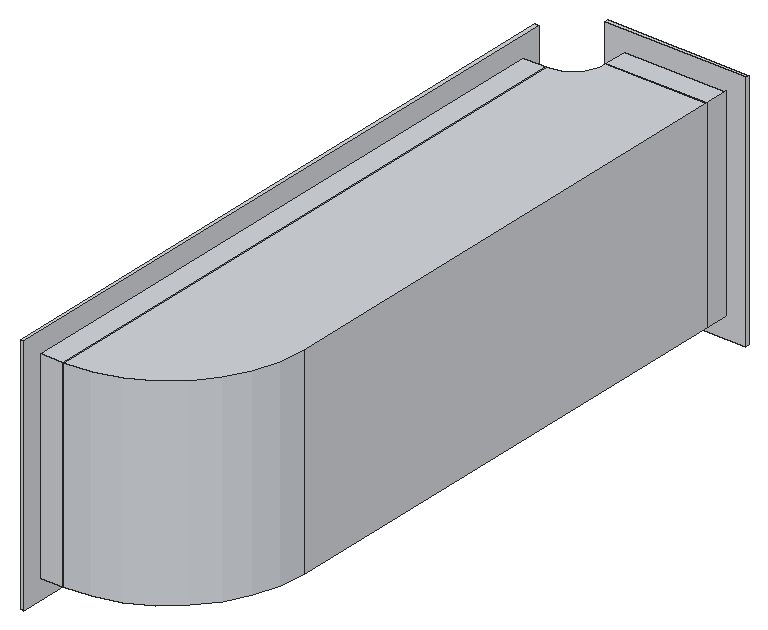
Revit family "RE Bogen asymmetrisch BA - Flansch", category Luftkanalformteile, Revit 2015
Parameters (values of type "Allgemein")
  r4 [instance] = r3 + Länge 17  # 300 mm
  r3 [instance] = if(b > d, if(Abschätzung 1 < 0 mm, r2 + 15 mm, r2), if(not(Abschätzung 2 < 0 mm), r2, r1 + d))  # 200 mm
  RLT_DIN_r [instance] = r  # 50 mm
  RLT_DIN_f [instance] = f  # 0 mm
  RLT_DIN_e [instance] = e  # 0 mm
  RLT_DIN_d [instance] = d  # 150 mm
  RLT_DIN_c [instance] = c  # 300 mm
  RLT_DIN_b [instance] = a  # 300 mm
  RLT_DIN_alpha [instance] = alpha  # 90.00°
  RLT_DIN_a [instance] = a  # 300 mm
  RLT_DIN_KZ = "BA"
  Profilversatz [instance] = (Höhe / 2) - Flanschverlängerung  # 120 mm
  Alpha 4 [instance] = if(Abschätzung 1 > 0 mm, alpha, acos(Länge 18 / Länge 16))  # 90.00°
  Alpha 3 [instance] = if(not(Abschätzung 2 < 0 mm), alpha, asin((r1 + b) / (r1 + d)))  # 90.00°
  r2 [instance] = if((Abschätzung 2 < 0 mm), 5 mm, Länge 22 / tan(alpha 2 / 2))  # 200 mm
  r1 [instance] = if(r = 0 mm, if(0.9 * Max. abcd - 107.1 mm < 0.8 mm, 0.8 mm, 0.9 * Max. abcd - 107.1 mm), r)  # 50 mm
  r [instance] = 50 mm
  f2 [instance] = 35 mm  # constant formula
  f1 [instance] = if(f = 0 mm, f2, f)  # 35 mm
  f [instance] = 0 mm
  e2 [instance] = 35 mm  # constant formula
  e1 [instance] = if(e = 0 mm, e2, e)  # 35 mm
  e [instance] = 0 mm
  Max. bd [instance] = if(b > d, b, d)  # 900 mm
  Länge 19 [instance] = if(Abschätzung 1 > 0 mm, Länge 18, 20 mm)  # 200 mm
  Länge 18 [instance] = (r1 + d) * sin(alpha)  # 200 mm
  d [instance] = 150 mm
  c [instance] = a  # 300 mm
  b [instance] = 900 mm
  Länge21 [instance] = if(alpha = 90.00°, 0 mm, if(and(Abschätzung 1 > 0 mm, Abschätzung 2 > 0 mm), ((r1 + b) - (r1 + d) * cos(alpha 2)) / tan(alpha 2), 10 mm))  # 0 mm
  Länge 20 [instance] = if(alpha = 90.00°, 0 mm, ((r1 + b) - (r1 + d) * cos(alpha)) / tan(alpha))  # 0 mm
  alpha 2 [instance] = if(b > d, Alpha 4, Alpha 3)  # 90.00°
  alpha 1 [instance] = 180.00° - alpha 2  # 90.00°
  alpha [instance] = 90.00°
  a [instance] = 300 mm
  Breite 2 [instance] = 100 mm  # constant formula
  Breite 1 [instance] = b halb + Breite 2 + Max. bd  # 1450 mm
  Sichtbarkeit 2 [instance] = if(Länge 7 > Länge 2, 1 > 0, Länge 1 + f1 < 10000 mm)  # no
  Sichtbarkeit 1 [instance] = if(Länge 7 > Länge 2, 0 > 1, or(Länge 1 + f1 > 10000 mm + 0.8 mm, Länge 1 + f1 = 10000 mm + 0.8 mm))  # yes
  Länge 23 [instance] = if(b > d, if(Abschätzung 1 > 0 mm, Länge 22 / tan(alpha 2 / 2), Länge 22 / tan(alpha 2 / 2) + 15 mm), if(Abschätzung 2 < 0 mm, 5 mm, Länge 22 / tan(alpha 2 / 2)))  # 200 mm
  Länge 22 [instance] = if(alpha = 90.00°, r1 + Länge 24, if(b > d, abs(Länge 19 - Länge21), if(not(Abschätzung 2 > 0 mm), (r1 + b) * sin(alpha), Länge21 / cos(alpha 2))))  # 200 mm
  Länge 24 [instance] = if(b > d, d, b)  # 150 mm
  Max. cd [instance] = if(d > c, d, c)  # 300 mm
  Max. abcd [instance] = if(Max. ab > Max. cd, Max. ab, Max. cd)  # 900 mm
  Max. ab [instance] = if(b > a, b, a)  # 900 mm
  Länge 9 [instance] = if(Länge 1 - 10000 mm + f1 < 0.8 mm, 2 mm, Länge 1 - 10000 mm + f1)  # 160 mm
  Länge 8 [instance] = sqrt((10000 mm - Länge 6) ^ 2 + (Länge 2 - Länge 7) ^ 2)  # 500 mm
  Länge 7 [instance] = Länge 3 * cos(alpha)  # 0 mm
  Länge 6 [instance] = -Länge 3 * sin(alpha) + Länge 1  # 10000 mm
  Länge 5 [instance] = (b - d) / 2  # 375 mm
  Länge 4 [instance] = Länge 2 * tan(alpha / 2)  # 500 mm
  Länge 3 [instance] = r1 + d / 2  # 125 mm
  Länge 15 [instance] = if((r1 + b) * cos(alpha) - (r1 + d) > 0 mm, e1, (r1 + b) * sin(alpha) + e1)  # 985 mm
  Länge 14 [instance] = if(alpha = 90.00°, r1 + d + f1, if((r1 + b) / cos(alpha) - (r1 + d) < 0 mm, f1, (r1 + b) * tan(alpha) + f1))  # 235 mm
  Länge 17 [instance] = 100 mm  # constant formula
  Länge 16 [instance] = sqrt((r1 + b) * (r1 + b) + (r1 + d) * (r1 + d) - 2 * (r1 + b) * (r1 + d) * cos(alpha))  # 970.824 mm
  Länge 13 [instance] = Flanschstärke * sin(alpha)  # 5 mm
  Länge 12 [instance] = Flanschstärke * cos(alpha)  # 0 mm
  Länge 11 [instance] = e1 * sin(alpha)  # 35 mm
  Länge 10 [instance] = e1 * cos(alpha)  # 0 mm
  Länge 1 [instance] = -Länge 2 * cos(alpha) / sin(alpha) + Länge 3 / sin(alpha) + 10000 mm  # 10125 mm
  Länge 2 [instance] = r1 + b / 2  # 500 mm
  Abschätzung 2 [instance] = Länge 20  # 0 mm
  Abschätzung 1 [instance] = (Länge 18 - Länge 20)  # 200 mm
  Höhe [instance] = if(a > c, a, c)  # 300 mm
  b halb [instance] = b * 0.5  # 450 mm
  Flansch d [instance] = d + 2 * Flanschverlängerung  # 210 mm
  Flansch c [instance] = c + 2 * Flanschverlängerung  # 360 mm
  Flansch b [instance] = b + 2 * Flanschverlängerung  # 960 mm
  Flansch a [instance] = a + 2 * Flanschverlängerung  # 360 mm
  Flanschstärke [instance] = 5 mm
  Flanschverlängerung [instance] = 30 mm
  Assembly Code = ""
Reference planes
  plane 1 "Mitte (Vorne/Hinten)": y = 0
  plane 2: z = 0
  plane 3 "Mitte (Links/Rechts)": x = 0
  plane 4: x = -160
  plane 5: x = -125
  plane 6: y = 500
  plane 7: x = 117.528
  plane 8: x = 0
  plane 9: y = 500
  plane 10: x = 10000
  plane 11: x = 0
  plane 12: x = 0
  plane 13: y = 535
  plane 14: x = -165
  plane 15: y = 540
  plane 16: x = 0
  plane 17: y = 480
  plane 18: y = -480
  plane 19: x = 75
  plane 20: x = 75
  plane 21: x = -125
  plane 22: y = 450
  plane 23: y = -450
  plane 24: y = -250
  plane 25: z = 150
  plane 26: z = -150
Forms (mm)
  Sweep 1, solid, detail levels medium+fine
    path in 3D
      loop
        line (-125, 0, 0) -> (-160, 0, 0)
    profile "Luftkanal - rechteckig : Luftkanal - rechteckig 1" origin (-142.5, 0, 0) x (0, -1, 0) y (0, 0, 1)
      loop
        line (-450, 150) -> (-450, -150) -> (450, -150) -> (450, 150) -> (-450, 150)
  Sweep 2, solid, detail levels medium+fine
    path in 3D
      loop
        line (0, 500, 0) -> (0, 535, 0)
    profile "Luftkanal - rechteckig : Luftkanal - rechteckig 2" origin (0, 517.5, 0) x (-1, 0, 0) y (0, 0, 1)
      loop
        line (-75, 150) -> (-75, -150) -> (75, -150) -> (75, 150) -> (-75, 150)
  Sweep 3, solid, detail levels fine
    path in 3D
      loop
        line (-165, 0, 0) -> (-160, 0, 0)
    profile "Luftkanal - rechteckig : Luftkanal - Flansch 1" origin (-162.5, 0, 0) x (0, 1, 0) y (0, 0, 1)
      loop
        line (-480, 180) -> (-480, -180) -> (480, -180) -> (480, 180) -> (-480, 180)
  Sweep 4, solid, detail levels medium+fine
    path in 3D
      loop
        line (-165, 0, 0) -> (-160, 0, 0)
    profile "Luftkanal - rechteckig : Luftkanal - rechteckig 1" origin (-162.5, 0, 0) x (0, 1, 0) y (0, 0, 1)
      loop
        line (-450, 150) -> (-450, -150) -> (450, -150) -> (450, 150) -> (-450, 150)
  Sweep 5, solid, detail levels fine
    path in 3D
      loop
        line (0, 535, 0) -> (0, 540, 0)
    profile "Luftkanal - rechteckig : Luftkanal - Flansch 2" origin (0, 537.5, 0) x (-1, 0, 0) y (0, 0, 1)
      loop
        line (-105, 180) -> (-105, -180) -> (105, -180) -> (105, 180) -> (-105, 180)
  Sweep 6, solid, detail levels medium+fine
    path in 3D
      loop
        line (0, 535, 0) -> (0, 540, 0)
    profile "Luftkanal - rechteckig : Luftkanal - rechteckig 2" origin (0, 537.5, 0) x (-1, 0, 0) y (0, 0, 1)
      loop
        line (-75, 150) -> (-75, -150) -> (75, -150) -> (75, 150) -> (-75, 150)
  Sweep 7, void
    path in 3D
      loop
        line (105, 535, 0) -> (105, -450, 0)
    profile "Luftkanal - rechteckig : Luftkanal - Abzugskörper" origin (105, 42.5, 0) x (1, 0, 0) y (0, 0, 1)
      loop
        line (-30, 150) -> (-30, -150) -> (270, -150) -> (270, 150) -> (-30, 150)
  Extrusion 8, void
    sketch origin (0, 0, 0) x (1, 0, 0) y (0, 1, 0)
      loop
        line (-160, -450) -> (-160, -1450) -> (75, -1450) -> (75, -450) -> (-160, -450)
    from -150 to 150
  Extrusion 9, solid, detail levels medium+fine
    sketch origin (0, 0, 0) x (1, 0, 0) y (0, 1, 0)
      loop
        arc (-125, -450) -> (16.421, -391.421) -> (75, -250) r 200
        line (75, -250) -> (-125, -250) -> (-125, -450)
    from -150 to 150
  Extrusion 10, void
    sketch origin (0, 0, 0) x (1, 0, 0) y (0, 1, 0)
      loop
        line (-125, 500) -> (-125, 450)
        arc (-125, 450) -> (-89.645, 464.645) -> (-75, 500) r 50
        line (-75, 500) -> (-125, 500)
    from -150 to 150
  Extrusion 11, void
    sketch origin (0, 0, 0) x (1, 0, 0) y (0, 1, 0)
      loop
        line (-125, -450) -> (-125, -550)
        arc (-125, -550) -> (87.132, -462.132) -> (175, -250) r 300
        line (175, -250) -> (75, -250)
        arc (75, -250) -> (16.421, -391.421) -> (-125, -450) r 200
    from -150 to 150
  SweptBlend 12, solid, detail levels medium+fine
    path in 3D
      loop
        arc (-125, 0, 0) -> (228.553, 146.447, 0) -> (375, 500, 0) r 500
    profile "Luftkanal - rechteckig : Luftkanal - rechteckig 1" origin (-125, 0, 0) x (0, 1, 0) y (0, 0, 1)
      loop
        line (-450, 150) -> (-450, -150) -> (450, -150) -> (450, 150) -> (-450, 150)
    end profile "Luftkanal - rechteckig : Luftkanal - rechteckig 2" origin (375, 500, 0) x (-1, 0, 0) y (0, 0, 1)
      loop
        line (300, 150) -> (300, -150) -> (450, -150) -> (450, 150) -> (300, 150)
Cuts and joins
  joined: Sweep 1, Sweep 4
  joined: Sweep 2, Sweep 6
  Sweep 7, Extrusion 10 cuts Extrusion 9
  Sweep 7, Extrusion 8, Extrusion 11 cuts SweptBlend 12
  joined: Extrusion 9, SweptBlend 12
Lines and regions (mm)
  reference lines
    curve 1: arc (-125, 0, 0) -> (228.553, 146.447, 0) -> (375, 500, 0) r 500
    curve 2: line (-125, 0, 0) -> (-160, 0, 0)
    curve 4: line (0, 500, 0) -> (0, 535, 0)
    curve 6: line (0, 500, 0) -> (0, 380, 0)
    curve 7: line (0, 500, 0) -> (-130, 500, 0)
    curve 8: line (0, 535, 0) -> (-95, 535, 0)
    curve 9: line (-260.979, 0, 0) -> (274.021, 0, 0)
    curve 12: line (-165, 0, 0) -> (-160, 0, 0)
    curve 15: line (0, 535, 0) -> (0, 540, 0)
    curve 18: line (0, 540, 0) -> (-75, 540, 0)
    curve 19: line (-105, 602.802, 0) -> (-105, 462.802, 0)
    curve 20: line (105, 535, 0) -> (105, -450, 0)
  sketch lines
    curve 3: line (-125, 0, 0) -> (-160, 0, 0)
    curve 5: line (0, 500, 0) -> (0, 535, 0)
    curve 13: line (-165, 0, 0) -> (-160, 0, 0)
    curve 14: line (-165, 0, 0) -> (-160, 0, 0)
    curve 16: line (0, 535, 0) -> (0, 540, 0)
    curve 17: line (0, 535, 0) -> (0, 540, 0)
    curve 26: line (105, 535, 0) -> (105, -450, 0)
    curve 27: arc (-125, 0, 0) -> (228.553, 146.447, 0) -> (375, 500, 0) r 500
  model lines, visible <- "Sichtbarkeit 1", detail levels coarse
    curve 10: line (-160, 0, 0) -> (0, 0, 0)
    curve 11: line (0, 535, 0) -> (0, 0, 0)
    curve 21: line (0, 535, 0) -> (0, 540, 0)
    curve 23: line (-165, 0, 0) -> (-160, 0, 0)
  model lines, detail levels coarse
    curve 22: line (105, 540, 0) -> (-105, 540, 0)
    curve 25: line (-165, 480, 0) -> (-165, -480, 0)
  model lines, visible <- "Sichtbarkeit 2", detail levels coarse
    curve 24: line (0, 540, 0) -> (-165, 0, 0)
Dimensions and locks
  "Länge 2": plane 6 to plane 1 "Mitte (Vorne/Hinten)"
  "f1": plane 4 to plane 5
  "Länge 7": plane 6 to plane 9
  locked: plane 3 "Mitte (Links/Rechts)" to plane 10 at 10000
  "Länge 1": plane 5 to plane 10
  "Länge 6": plane 8 to plane 10
  "e1": curve 4 to curve 4
  "Länge 8": curve 9 to curve 7
  "Länge 9": plane 4 to plane 11
  "Länge 10": plane 8 to plane 12
  "Länge 11": plane 13 to plane 9
  "Flanschstärke": plane 14 to plane 4
  "Flanschstärke": curve 15 to curve 15
  equal spacing: curve 19, curve 15, curve 20
  "Flansch d": curve 19 to curve 20
  "Länge 13": plane 15 to plane 13
  "Länge 12": plane 12 to plane 16
  equal spacing: plane 17, plane 1 "Mitte (Vorne/Hinten)", plane 18
  "Flansch b": plane 18 to plane 17
  "Länge 15": curve 20 to curve 20
  "b halb": Extrusion 8 sketch curve to plane 1 "Mitte (Vorne/Hinten)"
  "Breite 1": plane 1 "Mitte (Vorne/Hinten)" to Extrusion 8 sketch curve
  "Länge 14": plane 4 to Extrusion 8 sketch curve
  equal spacing: Extrusion 8, plane 2, Extrusion 8
  "Höhe": Extrusion 8 to Extrusion 8
  "Länge 19": plane 5 to plane 19
  "Länge21": plane 20 to plane 19
  "Länge 22": plane 21 to plane 20
  equal spacing: plane 22, plane 1 "Mitte (Vorne/Hinten)", plane 23
  "b": plane 22 to plane 23
  "Länge 23": plane 24 to plane 23
  equal spacing: plane 25, plane 2, plane 26
  "c": plane 25 to plane 26
  "r2": Extrusion 9 sketch curve to Extrusion 9 sketch curve  (x2)
  "r1": Extrusion 10 sketch curve to Extrusion 10 sketch curve  (x2)
  "Länge 17": Extrusion 11 sketch curve to Extrusion 11 sketch curve
  "r2": radius of Extrusion 9 sketch curve
  "r1": radius of Extrusion 10 sketch curve
  "r3": radius of Extrusion 11 sketch curve
  "r4": radius of Extrusion 11 sketch curve
  "alpha": angle curve 1 to curve 1
  "alpha": angle plane 9 to curve 4
  locked: curve 4 to curve 6 (angle 180.00°)
  locked: curve 4 to curve 7 (angle 90.00°)
  locked: curve 8 to curve 4 (angle 90.00°)
  locked: curve 6 to curve 9 (angle 90.00°)
  "alpha": angle plane 13 to curve 15
  locked: curve 18 to curve 15 (angle 90.00°)
  locked: curve 18 to curve 19 (angle 90.00°)
  locked: curve 20 to curve 18 (angle 90.00°)
  "alpha 2": angle plane 21 to Extrusion 9 sketch curve
  "alpha 2": angle Extrusion 9 sketch curve to Extrusion 9 sketch curve
  angle curve 7 to plane 21 = 90.00°
  "alpha": angle plane 21 to Extrusion 10 sketch curve
  "alpha": angle Extrusion 10 sketch curve to Extrusion 10 sketch curve
  "alpha 2": angle Extrusion 11 sketch curve to Extrusion 11 sketch curve  (x2)
  aligned and locked: level to plane 2
  aligned and locked: plane 6 to curve 1
  aligned and locked: plane 5 to curve 1
  aligned and locked: plane 5 to curve 2
  aligned and locked: plane 4 to curve 2
  aligned and locked: curve 2 to plane 1 "Mitte (Vorne/Hinten)"
  aligned and locked: plane 9 to curve 4
  aligned and locked: plane 8 to curve 4
  aligned and locked: plane 9 to curve 7
  aligned and locked: plane 8 to curve 7
  aligned and locked: curve 10 to curve 2
  aligned and locked: plane 11 to curve 10
  aligned and locked: curve 9 to curve 11
  aligned and locked: plane 14 to curve 12
  aligned and locked: plane 4 to curve 12
  aligned and locked: plane 1 "Mitte (Vorne/Hinten)" to curve 12
  aligned and locked: plane 13 to curve 15
  aligned and locked: plane 12 to curve 15
  aligned and locked: curve 15 to curve 21
  aligned and locked: plane 13 to curve 21
  aligned and locked: curve 22 to curve 18
  aligned and locked: curve 19 to curve 22
  aligned and locked: curve 22 to curve 20
  aligned and locked: plane 1 "Mitte (Vorne/Hinten)" to curve 23
  aligned and locked: plane 14 to curve 23
  aligned and locked: plane 4 to curve 23
  aligned and locked: plane 1 "Mitte (Vorne/Hinten)" to curve 24
  aligned and locked: plane 14 to curve 24
  aligned and locked: plane 15 to curve 24
  aligned and locked: plane 16 to curve 24
  aligned and locked: plane 17 to curve 25
  aligned and locked: curve 25 to plane 18
  aligned and locked: curve 25 to plane 14
  aligned and locked: curve 20 to Sweep 5
  aligned and locked: Extrusion 8 sketch curve to plane 4
  aligned and locked: plane 25 to cut or joined group of Sweep 7, Extrusion 8, Extrusion 9, Extrusion 10, Extrusion 11, SweptBlend 12
  aligned and locked: cut or joined group of Sweep 7, Extrusion 8, Extrusion 9, Extrusion 10, Extrusion 11, SweptBlend 12 to plane 26
  aligned and locked: plane 24 to Extrusion 9 sketch curve  (x2)
  aligned and locked: plane 21 to Extrusion 9 sketch curve
  aligned and locked: Extrusion 9 sketch curve to plane 21
  aligned and locked: Extrusion 10 to plane 26
  aligned and locked: plane 25 to Extrusion 10
  aligned and locked: plane 21 to Extrusion 10 sketch curve
  aligned and locked: plane 6 to Extrusion 10 sketch curve  (x2)
  aligned and locked: Extrusion 10 sketch curve to plane 21
  aligned and locked: plane 21 to Extrusion 11 sketch curve  (x2)
  aligned and locked: plane 24 to Extrusion 11 sketch curve  (x2)
  aligned and locked: Extrusion 11 sketch curve to plane 21
  aligned and locked: Extrusion 11 to plane 26
  aligned and locked: plane 25 to Extrusion 11
Automatic sketch dimensions
  curve 4 to curve 20 = 0 mm
  curve 19 to curve 4 = 37.198 mm
  curve 4 to curve 9 = 274.021 mm
Connectors
  hvac at (-165, 0, 0), driven by "a", driven by "b", driven by "alpha"
    settings: on cut or joined group of Sweep 1, Sweep 4, index 1, duct flow 0.0 L/s, flow factor 0, pres drop 0.0 Pa, loss coef 0, conn angle 90.00°, conn width 900 mm, conn height 300 mm, conn diameter 609.6 mm, duct sys type 28, conn prof type 1, flow config 0, flow direction 0, loss method 0, conn ref index 2, conn util no, is conn primary yes, conn desc ""
  hvac at (0, 540, 0), driven by "a", driven by "d", driven by "alpha"
    settings: on cut or joined group of Sweep 2, Sweep 6, index 2, duct flow 0.0 L/s, flow factor 0, pres drop 0.0 Pa, loss coef 0, conn angle 90.00°, conn width 150 mm, conn height 300 mm, conn diameter 609.6 mm, duct sys type 28, conn prof type 1, flow config 0, flow direction 0, loss method 0, conn ref index 1, conn util no, is conn primary no, conn desc ""
